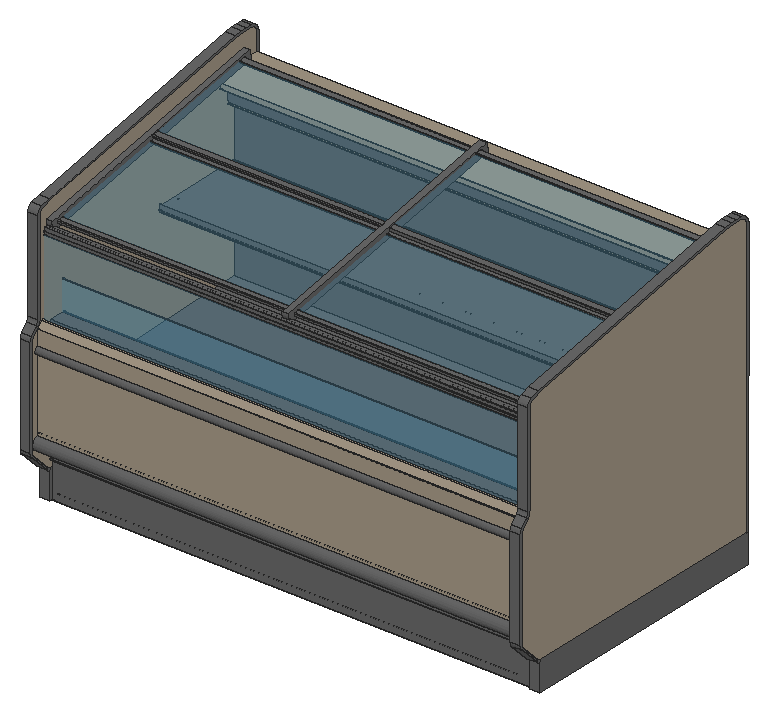
Revit family "O2DMZD - Linked Data", category Mechanical Equipment, Revit 2019 (continued)
Automatic sketch dimensions
  Extrusion 30 sketch curve to plane 9 = 2.59729"
  Extrusion 11 sketch curve to plane 8 = 3.40764"
  Extrusion 11 sketch curve to Extrusion 11 sketch curve = 2.08127"
  Extrusion 11 sketch curve to Extrusion 11 sketch curve = 0.24911"
  Extrusion 11 sketch curve to Extrusion 11 sketch curve = 0.00002"
  Extrusion 11 sketch curve to Extrusion 11 sketch curve = 0.86899"
  Extrusion 11 sketch curve to Extrusion 11 sketch curve = 0"  (x3)
  Extrusion 11 sketch curve to Extrusion 11 sketch curve = 0.08092"
  Extrusion 11 sketch curve to Extrusion 11 sketch curve = 0.081"
  Extrusion 11 sketch curve to Extrusion 11 sketch curve = 2.67787"
  Extrusion 11 sketch curve to Extrusion 11 sketch curve = 2.72449"
  Extrusion 11 sketch curve to Extrusion 11 sketch curve = 2.05001"
  Extrusion 11 sketch curve to Extrusion 11 sketch curve = 0.08402"
  Extrusion 11 sketch curve to Extrusion 11 sketch curve = 0.32425"
  Extrusion 11 sketch curve to Extrusion 11 sketch curve = 2 3/8"
  plane 1 to Extrusion 11 sketch curve = 6.47783"
  Extrusion 11 sketch curve to Extrusion 11 sketch curve = 0.5189"
  plane 1 to Extrusion 11 sketch curve = 6.48052"
  Extrusion 11 sketch curve to Extrusion 11 sketch curve = 0.07691"
  plane 1 to Extrusion 11 sketch curve = 7.73892"
  Extrusion 11 sketch curve to Extrusion 11 sketch curve = 1.73232"
  plane 5 to Extrusion 11 sketch curve = 8.081"
  Extrusion 11 sketch curve to Extrusion 11 sketch curve = 0.20852"
  Extrusion 11 sketch curve to Extrusion 11 sketch curve = 3.95875"
  Extrusion 11 sketch curve to Extrusion 11 sketch curve = 0.00018"
  Extrusion 11 sketch curve to Extrusion 11 sketch curve = 2.01421"
  Extrusion 11 sketch curve to Extrusion 11 sketch curve = 0.11238"
  Extrusion 11 sketch curve to Extrusion 11 sketch curve = 0.00293"
  Extrusion 11 sketch curve to Extrusion 11 sketch curve = 0.1872"
  Extrusion 11 sketch curve to Extrusion 11 sketch curve = 1.13639"
  plane 1 to Extrusion 11 sketch curve = 8.34917"
  Extrusion 11 sketch curve to Extrusion 11 sketch curve = 5.99982"
  Extrusion 11 sketch curve to Extrusion 11 sketch curve = 0.76311"
  Extrusion 11 sketch curve to Extrusion 11 sketch curve = 5.97136"
  Extrusion 11 sketch curve to Extrusion 11 sketch curve = 0.00048"
  Extrusion 11 sketch curve to Extrusion 11 sketch curve = 0.85788"
  Extrusion 11 sketch curve to Extrusion 11 sketch curve = 0.00008"
  Extrusion 11 sketch curve to Extrusion 11 sketch curve = 8.99315"
  Extrusion 11 sketch curve to Extrusion 11 sketch curve = 0.00004"
  Extrusion 11 sketch curve to Extrusion 11 sketch curve = 2.08232"
  Extrusion 11 sketch curve to Extrusion 11 sketch curve = 0.00583"
  Extrusion 11 sketch curve to Extrusion 11 sketch curve = 0.22922"
  Extrusion 12 sketch curve to plane 16 = 1.77942"
  plane 5 to Extrusion 12 sketch curve = 4.11655"
  Extrusion 12 sketch curve to Extrusion 12 sketch curve = 1.9968"
  Extrusion 12 sketch curve to Extrusion 12 sketch curve = 1.99966"
  Extrusion 12 sketch curve to plane 16 = 1.77978"
  plane 1 to Extrusion 12 sketch curve = 14.47673"
  Extrusion 12 sketch curve to Extrusion 12 sketch curve = 0.00048"
  plane 5 to Extrusion 17 sketch curve = 18.11835"
  Extrusion 17 sketch curve to Extrusion 17 sketch curve = 0.03116"
  Extrusion 17 sketch curve to Extrusion 17 sketch curve = 0.03389"
  Extrusion 17 sketch curve to Extrusion 17 sketch curve = 0.02947"
  Extrusion 17 sketch curve to Extrusion 17 sketch curve = 0.00153"
  Extrusion 17 sketch curve to Extrusion 17 sketch curve = 0.02886"
  Extrusion 17 sketch curve to plane 16 = 10.15047"
  Extrusion 17 sketch curve to Extrusion 17 sketch curve = 0.00087"  (x2)
  Extrusion 17 sketch curve to plane 16 = 10.2821"
  Extrusion 17 sketch curve to Extrusion 17 sketch curve = 0.0306"
  Extrusion 17 sketch curve to plane 16 = 10.21991"
  Extrusion 17 sketch curve to Extrusion 17 sketch curve = 0.01007"
  Extrusion 17 sketch curve to plane 16 = 10.28815"
  Extrusion 17 sketch curve to Extrusion 17 sketch curve = 0.03042"
  Extrusion 17 sketch curve to Extrusion 17 sketch curve = 0.21702"
  Extrusion 17 sketch curve to Extrusion 17 sketch curve = 0.00262"
  Extrusion 17 sketch curve to Extrusion 17 sketch curve = 3.11508"
  Extrusion 17 sketch curve to Extrusion 17 sketch curve = 0.00113"  (x2)
  Extrusion 17 sketch curve to plane 16 = 10.18466"
  Extrusion 17 sketch curve to Extrusion 17 sketch curve = 0.08099"
  Extrusion 17 sketch curve to Extrusion 17 sketch curve = 0.00873"
  Extrusion 17 sketch curve to Extrusion 17 sketch curve = 0.12728"
  Extrusion 17 sketch curve to Extrusion 17 sketch curve = 0.01071"
  Extrusion 17 sketch curve to Extrusion 17 sketch curve = 6.09043"
  Extrusion 17 sketch curve to Extrusion 17 sketch curve = 0.19409"
  Extrusion 17 sketch curve to Extrusion 17 sketch curve = 1.34747"
  Extrusion 17 sketch curve to Extrusion 17 sketch curve = 1.51"
  Extrusion 17 sketch curve to Extrusion 17 sketch curve = 0.61552"
  Extrusion 17 sketch curve to Extrusion 17 sketch curve = 0.62946"
  Extrusion 17 sketch curve to Extrusion 17 sketch curve = 0.25307"
  Extrusion 17 sketch curve to Extrusion 17 sketch curve = 0.05228"
  Extrusion 17 sketch curve to Extrusion 17 sketch curve = 0.64358"
  Extrusion 17 sketch curve to Extrusion 17 sketch curve = 0.35312"
  Extrusion 17 sketch curve to Extrusion 17 sketch curve = 0.62348"
  Extrusion 17 sketch curve to Extrusion 17 sketch curve = 0.00193"
  Extrusion 17 sketch curve to Extrusion 17 sketch curve = 0.489"
  Extrusion 17 sketch curve to Extrusion 17 sketch curve = 0.52378"
  Extrusion 17 sketch curve to Extrusion 17 sketch curve = 0.39434"
  Extrusion 17 sketch curve to Extrusion 17 sketch curve = 0.78686"
  Extrusion 17 sketch curve to Extrusion 17 sketch curve = 0.00898"
  Extrusion 17 sketch curve to Extrusion 17 sketch curve = 0.00045"
  Extrusion 17 sketch curve to Extrusion 17 sketch curve = 1/16"  (x2)
  Extrusion 17 sketch curve to Extrusion 17 sketch curve = 0.53274"
  Extrusion 17 sketch curve to Extrusion 17 sketch curve = 2.9219"
  Extrusion 17 sketch curve to Extrusion 17 sketch curve = 0.03465"
  Extrusion 17 sketch curve to Extrusion 17 sketch curve = 0.00493"
  Extrusion 17 sketch curve to Extrusion 17 sketch curve = 3/16"
  Extrusion 17 sketch curve to Extrusion 17 sketch curve = 0.02671"
  Extrusion 17 sketch curve to Extrusion 17 sketch curve = 0"  (x2)
  curve 3 to curve 4 = 0"  (x2)
  curve 6 to curve 7 = 0"  (x2)
  curve 2 to plane 16 = 0.05617"
  curve 2 to plane 8 = 3.00759"
  curve 2 to curve 7 = 0.17844"
  curve 6 to curve 8 = 0.27887"
  plane 5 to curve 5 = 3.48036"
  curve 5 to curve 2 = 0.04789"
  curve 5 to curve 3 = 0.22633"
  curve 6 to curve 2 = 0.96604"
  curve 8 to curve 6 = 0.09557"
  curve 5 to curve 3 = 0.18889"
  curve 8 to curve 6 = 0.64379"
  curve 6 to plane 16 = 0.30999"
  curve 8 to curve 7 = 0"
  curve 4 to curve 4 = 0.3767"
  curve 5 to curve 4 = 0"
  curve 4 to curve 5 = 0.95092"
  curve 3 to curve 2 = 0.96604"
  radius of curve 1 = 3/4"
  radius of Extrusion 21 sketch curve = 2"
  radius of Extrusion 22 sketch curve = 2"
  radius of Extrusion 24 sketch curve = 1 1/2"
  radius of Extrusion 25 sketch curve = 3/8"
  radius of Extrusion 25 sketch curve = 1/2"
Nested families (in)
  nested 1: "O2DMZD - 6'" at (0, 0.00086, 0.02077), type <- "Door", type "4'"
Connectors (in)
  electrical at (15.26314, -39.21278, 3.51525)
    settings: on Extrusion 23, index 1, voltage 120 V, apparent load 28.6 VA, apparent load phase1 0 VA, apparent load phase2 0 VA, apparent load phase3 0 VA, power factor 1, load classification "Lighting", number of poles 1, system type 30, power factor state 1, is connector primary yes, connector utility no, sub classification motor no, connector description "LIGHTS - STANDARD POWER (SHELF or CORNICE)"
  electrical at (18.26314, -39.21278, 3.51525)
    settings: on Extrusion 23, index 2, voltage 120 V, apparent load 33 VA, apparent load phase1 0 VA, apparent load phase2 0 VA, apparent load phase3 0 VA, power factor 1, load classification "Motor", number of poles 1, system type 30, power factor state 1, is connector primary no, connector utility no, sub classification motor no, connector description "HIGH EFFICIENCY FANS CONNECTION"
  electrical at (21.26314, -39.21278, 3.51525)
    settings: on Extrusion 23, index 3, voltage 120 V, apparent load 134 VA, apparent load phase1 0 VA, apparent load phase2 0 VA, apparent load phase3 0 VA, power factor 1, load classification "Power", number of poles 1, system type 30, power factor state 1, is connector primary no, connector utility no, sub classification motor no, connector description "ANTI-SWEAT CONNECTION"
  piping at (40.16559, -44.68244, 3.76525), diameter 0.5
    settings: on Extrusion 25, index 4, connector inside diameter 1/2", connector length 0", flow factor 0, pipe flow 0 GPM, pressure drop 0.00 psi, fitting loss kfactor 0, connector angle 0.000°, fixture units 0, engagement length 0", angle of deflection 0.000°, flow configuration 0, flow direction 2, fitting loss method 0, system type 7, joint type 0, gender type 0, connector reference index -1, connector utility 0, adjustable connector no, is connector primary yes, connector description "SUCTION LINE CONNECTION"
  piping at (38.16559, -44.68244, 3.76525), diameter 0.375
    settings: on Extrusion 25, index 5, connector inside diameter 3/8", connector length 0", flow factor 0, pipe flow 0 GPM, pressure drop 0.00 psi, fitting loss kfactor 0, connector angle 0.000°, fixture units 0, engagement length 0", angle of deflection 0.000°, flow configuration 0, flow direction 1, fitting loss method 0, system type 8, joint type 0, gender type 0, connector reference index -1, connector utility 0, adjustable connector no, is connector primary no, connector description "LIQUID LINE CONNECTION"
  piping at (36, -44.68244, 3.76525), diameter 1.5
    settings: on Extrusion 24, index 6, connector inside diameter 1 1/2", connector length 0", flow factor 0, pipe flow 0 GPM, pressure drop 0.00 psi, fitting loss kfactor 0, connector angle 0.000°, fixture units 0, engagement length 0", angle of deflection 0.000°, flow configuration 0, flow direction 2, fitting loss method 0, system type 16, joint type 0, gender type 0, connector reference index -1, connector utility 0, adjustable connector no, is connector primary no, connector description "SANITARY CONNECTION"
Definition of nested family "O2DMZD - 6'"
  Parameters
    URL = "http://www.hillphoenix.com/?s=o5dm"
    Model = "O5DM-NRG"  # constant formula
    Manufacturer = "HILL PHOENIX"  # constant formula
    Legend Number = Model  # "O5DM-NRG"
    Keynote = ""  # constant formula
    Item Description = Description  # "Multi-Deck Merchandiser"
    Description = "Multi-Deck Merchandiser"  # constant formula
    Default Elevation = 48"
    DESIGNERS NAME = "SHIDDRAMESH"  # constant formula
    DATE = "02/29/2016"  # constant formula
    Certifications = "NSF 7, UL471, CSA"  # constant formula
    Assembly Code = ""
  Reference planes (in)
    plane 1: z = 0.01963
  Forms (in)
    Extrusion 1, solid
      sketch origin (0, 0, 0) x (0, 1, 0) y (0, 0, 1)
        loop
          line (-20.19414, 44.34741) -> (-19.37939, 44.48874) -> (-19.35551, 44.33378) -> (-19.91808, 44.23617) -> (-19.90158, 44.12907) -> (-19.25955, 44.22798) -> (-19.3075, 44.53927)
          arc (-19.3075, 44.53927) -> (-19.33877, 44.59079) -> (-19.39731, 44.6051) r 0.07874
          line (-19.39731, 44.6051) -> (-20.13662, 44.49121)
          arc (-20.13662, 44.49121) -> (-20.18814, 44.45994) -> (-20.20246, 44.4014) r 0.07874
          line (-20.20246, 44.4014) -> (-20.19414, 44.34741)
        loop
          line (-36.3269, 41.38919) -> (-36.35088, 41.54483) -> (-35.53612, 41.68616)
          arc (-35.53612, 41.68616) -> (-35.56083, 41.75382) -> (-35.62955, 41.77545) r 0.08149
          line (-35.62955, 41.77545) -> (-36.36886, 41.66156)
          arc (-36.36886, 41.66156) -> (-36.42038, 41.63029) -> (-36.43469, 41.57175) r 0.07874
          line (-36.43469, 41.57175) -> (-36.38674, 41.26046) -> (-35.7447, 41.35937) -> (-35.76433, 41.48679) -> (-36.3269, 41.38919)
      from 1 to 35.5
    Extrusion 2, solid
      sketch origin (0, -17.82748, -3.65436) x (0, 1, 0) y (0, 0, 1)
        loop
          line (-19.09565, 44.5809) -> (-18.2809, 44.72223) -> (-18.25703, 44.56727) -> (-18.81959, 44.46966) -> (-18.80309, 44.36256) -> (-18.16106, 44.46147) -> (-18.20901, 44.77276)
          arc (-18.20901, 44.77276) -> (-18.24029, 44.82428) -> (-18.29883, 44.83859) r 0.07874
          line (-18.29883, 44.83859) -> (-19.03814, 44.7247)
          arc (-19.03814, 44.7247) -> (-19.08965, 44.69343) -> (-19.10397, 44.63489) r 0.07874
          line (-19.10397, 44.63489) -> (-19.09565, 44.5809)
        loop
          line (-36.3269, 41.38919) -> (-36.35088, 41.54483) -> (-35.53612, 41.68616)
          arc (-35.53612, 41.68616) -> (-35.56083, 41.75382) -> (-35.62955, 41.77545) r 0.08149
          line (-35.62955, 41.77545) -> (-36.36886, 41.66156)
          arc (-36.36886, 41.66156) -> (-36.42038, 41.63029) -> (-36.43469, 41.57175) r 0.07874
          line (-36.43469, 41.57175) -> (-36.38674, 41.26046) -> (-35.7447, 41.35937) -> (-35.76433, 41.48679) -> (-36.3269, 41.38919)
      from 1 to 35.5
    Extrusion 3, solid
      sketch origin (0, 0, 0) x (0, 1, 0) y (0, 0, 1)
        loop
          line (-36.35088, 41.54483) -> (-36.3269, 41.38919) -> (-19.35551, 44.33378) -> (-19.37939, 44.48874) -> (-36.35088, 41.54483)
      from 1 to 35.5
    Extrusion 4, solid
      sketch origin (0, 0, 0) x (0, 1, 0) y (0, 0, 1)
        loop
          line (-36.09894, 41.06062) -> (-54.17833, 37.89031) -> (-54.15435, 37.73466) -> (-36.07477, 40.90501) -> (-36.09894, 41.06062)
      from 1 to 35.5
    Extrusion 5, solid
      sketch origin (0, 0, 0) x (0, 1, 0) y (0, 0, 1)
        loop
          arc (-55.1402, 38.22949) -> (-55.1478, 37.76768) -> (-54.94351, 37.35343) r 0.98238
          line (-54.94351, 37.35343) -> (-54.62679, 37.3534)
          arc (-54.62679, 37.3534) -> (-54.58436, 37.33583) -> (-54.56679, 37.2934) r 0.06
          line (-54.56679, 37.2934) -> (-54.56681, 37.07594)
          arc (-54.56681, 37.07594) -> (-54.29312, 37.006) -> (-54.01084, 37.01684) r 0.98238
          line (-54.01084, 37.01684) -> (-17.85668, 43.69495) -> (-18.11054, 45.06931) -> (-55.1402, 38.22949)
      from 0 to 1
    Extrusion 6, solid
      sketch origin (71, 0, 0) x (0, 1, 0) y (0, 0, 1)
        loop
          arc (-55.1402, 38.22949) -> (-55.1478, 37.76768) -> (-54.94351, 37.35343) r 0.98238
          line (-54.94351, 37.35343) -> (-54.62679, 37.3534)
          arc (-54.62679, 37.3534) -> (-54.58436, 37.33583) -> (-54.56679, 37.2934) r 0.06
          line (-54.56679, 37.2934) -> (-54.56681, 37.07594)
          arc (-54.56681, 37.07594) -> (-54.29312, 37.006) -> (-54.01084, 37.01684) r 0.98238
          line (-54.01084, 37.01684) -> (-17.85668, 43.69495) -> (-18.11054, 45.06931) -> (-55.1402, 38.22949)
      from 0 to 1
    Extrusion 7, solid
      sketch origin (35.5, 0, 0) x (0, 1, 0) y (0, 0, 1)
        loop
          arc (-55.1402, 38.22949) -> (-55.1478, 37.76768) -> (-54.94351, 37.35343) r 0.98238
          line (-54.94351, 37.35343) -> (-54.62679, 37.3534)
          arc (-54.62679, 37.3534) -> (-54.58436, 37.33583) -> (-54.56679, 37.2934) r 0.06
          line (-54.56679, 37.2934) -> (-54.56681, 37.07594)
          arc (-54.56681, 37.07594) -> (-54.29312, 37.006) -> (-54.01084, 37.01684) r 0.98238
          line (-54.01084, 37.01684) -> (-17.85668, 43.69495) -> (-18.11054, 45.06931) -> (-55.1402, 38.22949)
      from 0 to 1
    Extrusion 8, solid
      sketch origin (35.5, 0, 0) x (0, 1, 0) y (0, 0, 1)
        loop
          line (-20.19414, 44.34741) -> (-19.37939, 44.48874) -> (-19.35551, 44.33378) -> (-19.91808, 44.23617) -> (-19.90158, 44.12907) -> (-19.25955, 44.22798) -> (-19.3075, 44.53927)
          arc (-19.3075, 44.53927) -> (-19.33877, 44.59079) -> (-19.39731, 44.6051) r 0.07874
          line (-19.39731, 44.6051) -> (-20.13662, 44.49121)
          arc (-20.13662, 44.49121) -> (-20.18814, 44.45994) -> (-20.20246, 44.4014) r 0.07874
          line (-20.20246, 44.4014) -> (-20.19414, 44.34741)
        loop
          line (-36.3269, 41.38919) -> (-36.35088, 41.54483) -> (-35.53612, 41.68616)
          arc (-35.53612, 41.68616) -> (-35.56083, 41.75382) -> (-35.62955, 41.77545) r 0.08149
          line (-35.62955, 41.77545) -> (-36.36886, 41.66156)
          arc (-36.36886, 41.66156) -> (-36.42038, 41.63029) -> (-36.43469, 41.57175) r 0.07874
          line (-36.43469, 41.57175) -> (-36.38674, 41.26046) -> (-35.7447, 41.35937) -> (-35.76433, 41.48679) -> (-36.3269, 41.38919)
      from 1 to 35.5
    Extrusion 9, solid
      sketch origin (35.5, -17.82748, -3.65436) x (0, 1, 0) y (0, 0, 1)
        loop
          line (-19.09565, 44.5809) -> (-18.2809, 44.72223) -> (-18.25703, 44.56727) -> (-18.81959, 44.46966) -> (-18.80309, 44.36256) -> (-18.16106, 44.46147) -> (-18.20901, 44.77276)
          arc (-18.20901, 44.77276) -> (-18.24029, 44.82428) -> (-18.29883, 44.83859) r 0.07874
          line (-18.29883, 44.83859) -> (-19.03814, 44.7247)
          arc (-19.03814, 44.7247) -> (-19.08965, 44.69343) -> (-19.10397, 44.63489) r 0.07874
          line (-19.10397, 44.63489) -> (-19.09565, 44.5809)
        loop
          line (-36.3269, 41.38919) -> (-36.35088, 41.54483) -> (-35.53612, 41.68616)
          arc (-35.53612, 41.68616) -> (-35.56083, 41.75382) -> (-35.62955, 41.77545) r 0.08149
          line (-35.62955, 41.77545) -> (-36.36886, 41.66156)
          arc (-36.36886, 41.66156) -> (-36.42038, 41.63029) -> (-36.43469, 41.57175) r 0.07874
          line (-36.43469, 41.57175) -> (-36.38674, 41.26046) -> (-35.7447, 41.35937) -> (-35.76433, 41.48679) -> (-36.3269, 41.38919)
      from 1 to 35.5
    Extrusion 10, solid
      sketch origin (35.5, 0, 0) x (0, 1, 0) y (0, 0, 1)
        loop
          line (-36.35088, 41.54483) -> (-36.3269, 41.38919) -> (-19.35551, 44.33378) -> (-19.37939, 44.48874) -> (-36.35088, 41.54483)
      from 1 to 35.5
    Extrusion 11, solid
      sketch origin (35.5, 0, 0) x (0, 1, 0) y (0, 0, 1)
        loop
          line (-36.09894, 41.06062) -> (-54.17833, 37.89031) -> (-54.15435, 37.73466) -> (-36.07477, 40.90501) -> (-36.09894, 41.06062)
      from 1 to 35.5
Types (4): name | Standard Power Watts | Standard Power Amps | Number of Fans | Lights Per Row | Light Length | Length | High Power (Cornice) Watts | High Power (Cornice) Amps | High Efficiency Watts | High Efficiency Amps | Door | Defrost (Phase 3) 240 V Watts | Defrost (Phase 3) 240 V Amps | Defrost (Phase 3) 208 V Watts | Defrost (Phase 3) 208 V Amps | Defrost (Phase 1) 240 V Watts | Defrost (Phase 1) 240 V Amps | Defrost (Phase 1) 208 V Watts | Defrost (Phase 1) 208 V Amps | CENTER LINE | Anti-Condensate Heaters Watts | Anti-Condensate Heaters Amps
  04' | 14.3 W | 0.12 A | 2 | 1 | 60" | 48" | 26.3 W | 0.22 A | 22 W | 0.3 A | O2DMZD - 4' : 4' | 2400 W | 10 A | 1800 W | 8.7 A | 2400 W | 10 A | 1800 W | 807 A | 24" | 44 W | 0.37 A
  06' | 14.3 W | 0.12 A | 2 | 1 | 60" | 72" | 26.3 W | 0.22 A | 22 W | 0.3 A | O2DMZD - 6' : 4' | 2400 W | 10 A | 1800 W | 8.7 A | 2400 W | 10 A | 1800 W | 807 A | 36" | 44 W | 0.37 A
  08' | 16.6 W | 0.14 A | 2 | 2 | 36" | 96" | 29.8 W | 0.25 A | 22 W | 0.3 A | O2DMZD - 8' : 4' | 3195 W | 13.3 A | 2400 W | 11.5 A | 3195 W | 13.3 A | 2400 W | 11.5 A | 48" | 90 W | 0.75 A
  12' | 28.6 W | 0.24 A | 3 | 2 | 60" | 144" | 52.6 W | 0.44 A | 33 W | 0.45 A | O2DMZD - doors 12' : 4' | 4795 W | 20 A | 3600 W | 17.3 A | 4795 W | 20 A | 3600 W | 17.3 A | 72" | 134 W | 1.12 A
